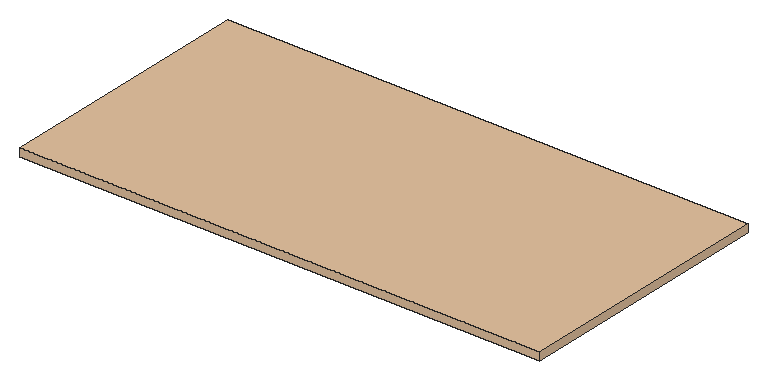
Revit family
Parameters (values of type "1220mm Depth")
  Counter Thickness = 40 mm
  Counter Top Material = none
  Depth [instance] = 1250 mm
  Height [instance] = 900 mm
  Length [instance] = 2500 mm
Reference planes
  plane 1 "Back": y = 0
  plane 2: z = 0
  plane 3 "Left": x = -1200.462
  plane 4 "Right": x = 1299.538
  plane 5 "Front": y = -1224.6
  plane 6 "Top": z = 900
  plane 7: z = 860
  plane 8: y = 25.4
  plane 9: y = -1199.2
Forms (mm)
  Extrusion 1, solid, material <- "Counter Top Material"
    sketch origin (0, 0, 0) x (1, 0, 0) y (0, 1, 0)
      loop
        line (-1200.462, 25.4) -> (-1200.462, -1224.6) -> (1299.538, -1224.6) -> (1299.538, 25.4) -> (-1200.462, 25.4)
    from 860 to 900
Lines and regions (mm)
  Masking region 1
    outline origin (0, 0, 0) x (1, 0, 0) y (0, 1, 0)
      loop
        line (-1200.462, -1224.6) -> (1299.538, -1224.6) -> (1299.538, 25.4) -> (-1200.462, 25.4) -> (-1200.462, -1224.6)
Dimensions and locks
  "Length": plane 3 "Left" to plane 4 "Right"
  "Height": level to plane 6 "Top"
  "Counter Thickness": plane 7 to plane 6 "Top"
  "Depth": plane 5 "Front" to plane 8
  locked: plane 1 "Back" to plane 8 at 25.4
  locked: plane 5 "Front" to plane 9 at 25.4
  aligned and locked: plane 4 "Right" to Extrusion 1 sketch curve
  aligned and locked: Extrusion 1 sketch curve to plane 3 "Left"
  aligned and locked: Extrusion 1 to plane 6 "Top"
  aligned and locked: plane 7 to Extrusion 1
  aligned and locked: plane 8 to Extrusion 1 sketch curve
  aligned and locked: Extrusion 1 sketch curve to plane 5 "Front"
Automatic sketch dimensions
  Masking region 1 sketch curve to plane 3 "Left" = 0 mm
  Masking region 1 sketch curve to plane 4 "Right" = 0 mm
  Masking region 1 sketch curve to plane 5 "Front" = 0 mm
  Masking region 1 sketch curve to plane 8 = 0 mm
